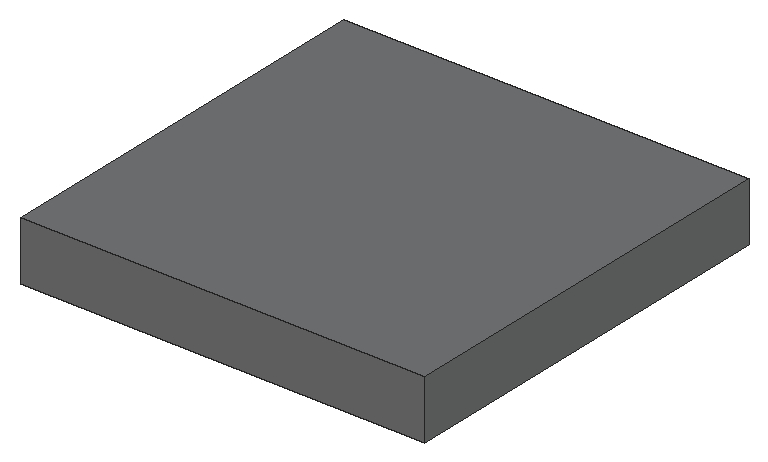
Revit family "Gira_027628", category Electrical Fixtures, host Face, Revit 2017
Family settings
  Host = Face
  Maintain Annotation Orientation = No
  Round Connector Dimension = Use Diameter
  Part Type = Normal
  Cut with Voids When Loaded = No
  Shared = No
  Room Calculation Point = No
Parameters (values of type "Abd. TAE USB System 55 Anthrazit")
  Zusammenstellung = "Zentralplatte"
  Werkstoffgüte = "sonstige"
  Werkstoff = "Kunststoff"
  Verwendung = "TAE"
  URL = "http://katalog.gira.de/de_DE/datenblatt.html?artikelnr=027628"
  Transparent = "No"
  Tragring = "No"
  Region = "DE"
  Oberfläche = "sonstige"
  Name = "Abd. TAE USB System 55 Anthrazit"
  Montageart = "unter Putz"
  Mit Zugentlastung = "No"
  Mit Staubschutz = "No"
  Mit Klappdeckel = "No"
  Mit Aufdruck = "No"
  Manufacturer URL = "https://www.gira.de/"
  Lüsterklemme = "No"
  Keynote = "Sys55_Abdeckung_Schalten und Tasten"
  HeinzeBIM = "https://bimportal.heinze.de/bim/abd-tae-usb-system-55-anthrazit/08d518ea8bc9bc0baba43281103bf8d52d42f7b5"
  Halogenfrei = "Yes"
  HAN = "027628"
  Geeignet für Schutzart (IP) = "IP20"
  GTIN = "4010337276289"
  Farbe = "anthrazit"
  Default Elevation = 1219.2 mm
  Data sheet (1) = "https://katalog.gira.de/de_DE/download.html?artikelnr=027628"
  Category = "Einsatz/Abdeckung für Kommunikationstechnik"
  Beschriftungsfeld = "ohne Beschriftungsfeld"
  Befestigungsart = "Befestigung mit Schraube"
  Available = "Yes"
  Ausführung der Oberfläche = "nicht zutreffend"
  Anthrazit [instance] = Anthrazit
Reference planes
  plane 1 "Center (Front/Back)": y = 0
  plane 2: z = 0
  plane 3 "Center (Left/Right)": x = 0
Forms (mm)
  Extrusion 1, solid, material "Anthrazit" <- "Anthrazit", detail levels fine
    sketch origin (0, 0, 0) x (1, 0, 0) y (0, 1, 0)
      loop
        line (-27.5, 27.5) -> (-27.5, -27.5) -> (27.5, -27.5) -> (27.5, 27.5) -> (-27.5, 27.5)
    from 0 to 8
  Extrusion 2, void
    sketch origin (0, 0, 0) x (1, 0, 0) y (0, 1, 0)
      loop
        line (26, 26) -> (-26, 26) -> (-26, -26) -> (26, -26) -> (26, 26)
    from 0 to 6
  Extrusion 3, solid, material "Anthrazit" <- "Anthrazit", detail levels medium
    sketch origin (0, 0, 0) x (1, 0, 0) y (0, 1, 0)
      loop
        line (-27.5, 27.5) -> (-27.5, -27.5) -> (27.5, -27.5) -> (27.5, 27.5) -> (-27.5, 27.5)
    from 0 to 8
  Extrusion 4, solid, material "Anthrazit" <- "Anthrazit", detail levels medium
    sketch origin (0, 0, 0) x (1, 0, 0) y (0, 1, 0)
      loop
        line (11, -17.5) -> (11, 17.5) -> (-11, 17.5) -> (-11, -17.5) -> (11, -17.5)
    from -6 to 6
  Extrusion 5, solid, material "Anthrazit" <- "Anthrazit", detail levels fine
    sketch origin (0, 0, 0) x (1, 0, 0) y (0, 1, 0)
      loop
        line (11, 17.5) -> (-11, 17.5) -> (-11, 16.5) -> (11, 16.5) -> (11, 17.5)
      loop
        line (-11, -16.5) -> (-11, -17.5) -> (11, -17.5) -> (11, -16.5) -> (-11, -16.5)
    from -4 to 6
  Extrusion 6, solid, material "Anthrazit" <- "Anthrazit", detail levels fine
    sketch origin (0, 0, 0) x (1, 0, 0) y (0, 1, 0)
      loop
        arc (5, 9.347) -> (0, 10.6) -> (-5, 9.347) r 10.6
        line (-5, 9.347) -> (-5, -9.347)
        arc (-5, -9.347) -> (0, -10.6) -> (5, -9.347) r 10.6
        line (5, -9.347) -> (5, 9.347)
    from -6 to 6
  Extrusion 7, solid, material "Anthrazit" <- "Anthrazit", detail levels coarse
    sketch origin (0, 0, 0) x (1, 0, 0) y (0, 1, 0)
      loop
        line (-27.5, 27.5) -> (-27.5, -27.5) -> (27.5, -27.5) -> (27.5, 27.5) -> (-27.5, 27.5)
    from -6 to 8
Cuts and joins
  Extrusion 2 cuts Extrusion 1
Dimensions and locks
  aligned and locked: plane 2 to host face
  aligned and locked: level to host face
